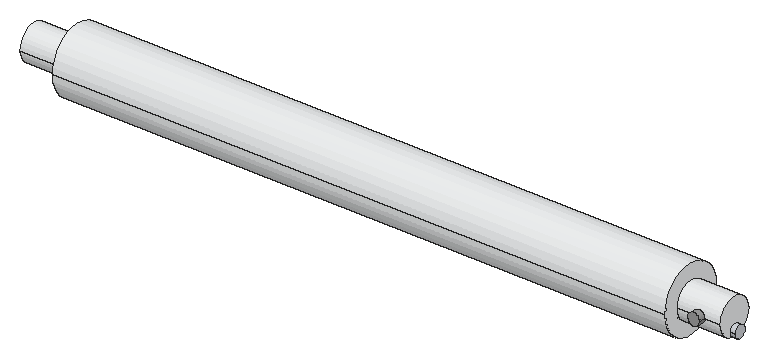
Revit family
Parameters (values of type "K60-110-10")
  Welded Thick = 10 mm
  URL = "http://viewer.zmags.com/publication/f01ae52f"
  Tube Radius = Tube Diameter / 2  # 30.15 mm
  Tube Diameter = 60.3 mm
  Tube = RAL 9016
  Thermal Performance = Thermal Performance Constant * Length / 1000 mm  # 216
  Socket Radius = 10 mm
  Socket = RAL 9016
  Side Socket Thick = Tube Radius + Welded Thick  # 40.15 mm
  Offset = 75 mm
  Model = "K60-110-10"
  Max #1 Pole Breakers [instance] = 271
  Manufacturer = "Meinertz"
  Length = 1200 mm
  Keynote = "K60-110-10"
  Height = 150 mm
  GoGetNo = 6961  # constant formula
  Fins = yes
  Fin Radius = Fin Diameter / 2  # 55 mm
  Fin Pitch = RAL 9016 F
  Fin Diameter = 110 mm
  Thermal Performance Constant = if(Fin Diameter = 73 mm, 88, if(Fin Diameter = 83 mm, 104, if(Fin Diameter = 92 mm, 88, if(Fin Diameter = 98 mm, 82, if(Fin Diameter = 123 mm, 110, if(Fin Diameter = 139 mm, 133, 180))))))  # 180
Types (9, lengths in mm): name | Tube Radius | Tube Diameter | Thermal Performance | Side Socket Thick | Model | Keynote | Fin Radius | Fin Diameter | Thermal Performance Constant
  (no name) | 30.15 | 60.3 | 216 | 40.15 | "K60-110-10" | "K60-110-10" | 55 | 110 | 180
  K33-73-08 | 16.85 | 33.7 | 105.6 | 26.85 | "K33-73-08" | "K33-73-08" | 36.5 | 73 | 88
  K33-83-10 | 16.85 | 33.7 | 124.8 | 26.85 | "K33-83-10" | "K33-83-10" | 41.5 | 83 | 104
  K42-92-10 | 21.2 | 42.4 | 105.6 | 31.2 | "K42-92-10" | "K42-92-10" | 46 | 92 | 88
  K48-98-10 | 24.15 | 48.3 | 98.4 | 34.15 | "K48-98-10" | "K48-98-10" | 49 | 98 | 82
  K60-110-10 | 30.15 | 60.3 | 216 | 40.15 | "K60-110-10" | "K60-110-10" | 55 | 110 | 180
  K60-123-12 | 30.15 | 60.3 | 132 | 40.15 | "K60-123-12" | "K60-123-12" | 61.5 | 123 | 110
  K76-139-12 | 38.05 | 76.1 | 159.6 | 48.05 | "K76-139-12" | "K76-139-12" | 69.5 | 139 | 133
  K101-164-12 | 50.8 | 101.6 | 216 | 60.8 | "K101-164-12" | "K101-164-12" | 82 | 164 | 180
Reference planes
  plane 1 "Center (Front/Back)": y = 0
  plane 2: z = 0
  plane 3 "Center (Left/Right)": x = 0
  plane 4: x = -600
  plane 5: x = 600
  plane 6: z = 150
  plane 7: x = -525
  plane 8: x = 525
  plane 9: x = -610
  plane 10: x = 610
  plane 11: x = 562.5
  plane 12: y = -40.15
Forms (mm)
  Extrusion 1, solid, material "RAL 9016" <- "Tube"
    sketch origin (0, 0, 0) x (0, 1, 0) y (0, 0, 1)
      loop
        circle (0, 150) r 30.15
    from -600 to 600
  Extrusion 2, solid, material "RAL 9016 F" <- "Fin Pitch", visible <- "Fins"
    sketch origin (0, 0, 0) x (0, 1, 0) y (0, 0, 1)
      loop
        circle (0, 150) r 55
    from -525 to 525
  Extrusion 3, solid, material "Tap"
    sketch origin (0, 0, 0) x (0, 1, 0) y (0, 0, -1)
      loop
        circle (0, -150) r 10
    from 600 to 610
  Extrusion 4, solid
    sketch origin (600, 0, 0) x (0, 1, 0) y (0, 0, 1)
      loop
        circle (0, 129.85) r 10
    from 0 to 10
  Extrusion 5, solid, material "Tap"
    sketch origin (0, 0, 0) x (1, 0, 0) y (0, 0, 1)
      loop
        circle (562.5, 150) r 10
    from 0 to 40.15
Dimensions and locks
  equal spacing: plane 4, plane 3 "Center (Left/Right)", plane 5
  "Length": plane 4 to plane 5
  "Offset": plane 4 to plane 7
  "Offset": plane 8 to plane 5
  "Height": plane 6 to plane 2
  "Welded Thick": plane 5 to plane 10
  "Welded Thick": plane 9 to plane 4
  equal spacing: plane 8, plane 11, plane 5
  "Side Socket Thick": plane 1 "Center (Front/Back)" to plane 12
  "Tube Radius": plane 6 to Extrusion 4 sketch curve
  equal spacing: Extrusion 5 sketch curve, plane 11, Extrusion 5 sketch curve
  equal spacing: Extrusion 5 sketch curve, plane 6, Extrusion 5 sketch curve
  "Tube Radius": radius of Extrusion 1 sketch curve
  "Fin Radius": radius of Extrusion 2 sketch curve
  "Socket Radius": radius of Extrusion 3 sketch curve
  aligned and locked: Extrusion 1 to plane 4
  aligned and locked: plane 5 to Extrusion 1
  aligned and locked: plane 8 to Extrusion 2
  aligned and locked: Extrusion 2 to plane 7
  aligned and locked: plane 4 to Extrusion 3
  aligned and locked: Extrusion 3 to plane 9
  aligned and locked: plane 10 to Extrusion 4
  aligned and locked: Extrusion 5 to plane 1 "Center (Front/Back)"
  aligned and locked: plane 12 to Extrusion 5
Automatic sketch dimensions
  Extrusion 1 sketch curve to plane 1 "Center (Front/Back)" = 0 mm
  Extrusion 1 sketch curve to plane 6 = 0 mm
  Extrusion 2 sketch curve to plane 1 "Center (Front/Back)" = 0 mm
  Extrusion 2 sketch curve to plane 6 = 0 mm
  Extrusion 3 sketch curve to plane 1 "Center (Front/Back)" = 0 mm
  Extrusion 3 sketch curve to plane 6 = 0 mm
  radius of Extrusion 4 sketch curve = 10 mm
  radius of Extrusion 5 sketch curve = 10 mm
Connectors
  piping at (-610, 0, 150)
    settings: on Extrusion 3, index 1, connector radius 10 mm, flow factor 0, pipe flow 0.0 L/s, pressure drop 0.0 Pa, fitting loss kfactor 0, connector angle 0.00°, fixture units 0, flow configuration 1, flow direction 1, fitting loss method 0, system type 22, connector reference index -1, connector utility 0, adjustable connector no, is connector primary yes, fitting loss table "", connector description ""
  piping at (610, 0, 129.85)
    settings: on Extrusion 4, index 2, connector radius 10 mm, flow factor 0, pipe flow 0.0 L/s, pressure drop 0.0 Pa, fitting loss kfactor 0, connector angle 0.00°, fixture units 0, flow configuration 1, flow direction 2, fitting loss method 0, system type 22, connector reference index -1, connector utility 0, adjustable connector no, is connector primary no, fitting loss table "", connector description ""
  piping at (562.5, -40.15, 150)
    settings: on Extrusion 5, index 3, connector radius 10 mm, flow factor 0, pipe flow 0.0 L/s, pressure drop 0.0 Pa, fitting loss kfactor 0, connector angle 0.00°, fixture units 0, flow configuration 1, flow direction 2, fitting loss method 0, system type 22, connector reference index -1, connector utility 0, adjustable connector no, is connector primary no, fitting loss table "", connector description ""
